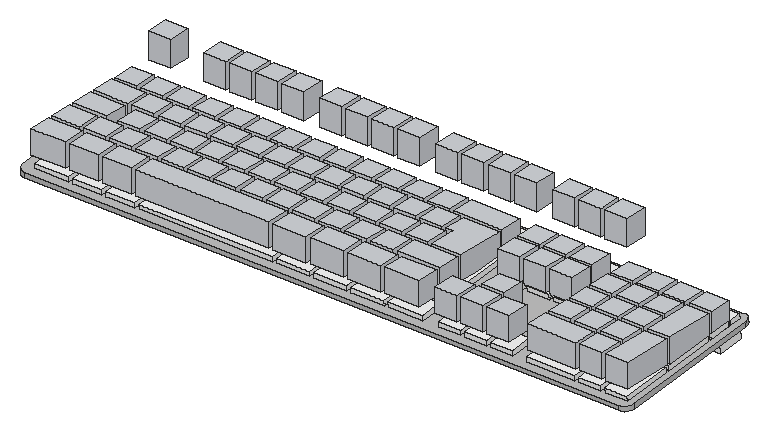
Revit family
Reference planes (in)
  plane 1 "Center (Front/Back)": y = 0
  plane 2: z = 0
  plane 3 "Center (Left/Right)": x = 0
  plane 4: through (0, -2.69707, 0.22659) normal (0, 0.0872, -0.9962)
  plane 5: through (0, -2.68618, 0.10206) normal (0, 0.0872, -0.9962)
  plane 6: through (0, -2.70797, 0.35111) normal (0, 0.0872, -0.9962)
Forms (in)
  Extrusion 1, void
    sketch origin (0, 0, 0) x (1, 0, 0) y (0, 1, 0)
      loop
        line (-8.62205, 2.47515) -> (-8.62205, 1.72712) -> (-7.83465, 1.72712) -> (-7.83465, 2.47515) -> (-8.62205, 2.47515)
      loop
        line (-0.3937, 2.47515) -> (-0.3937, 1.72712) -> (2.6378, 1.72712) -> (2.6378, 2.47515) -> (-0.3937, 2.47515)
      loop
        line (-0.68898, 2.47515) -> (-3.72047, 2.47515) -> (-3.72047, 1.72712) -> (-0.68898, 1.72712) -> (-0.68898, 2.47515)
      loop
        line (-4.01575, 2.47515) -> (-7.04724, 2.47515) -> (-7.04724, 1.72712) -> (-4.01575, 1.72712) -> (-4.01575, 2.47515)
      loop
        line (2.93307, 2.47515) -> (2.93307, 1.72712) -> (5.21654, 1.72712) -> (5.21654, 2.47515) -> (2.93307, 2.47515)
    from 5.5 to 1.13907
  Extrusion 2, void
    sketch origin (0, 0, 0) x (1, 0, 0) y (0, 1, 0)
      loop
        line (-8.62205, 1.25468) -> (-8.62205, -2.48548) -> (2.6378, -2.48548) -> (2.6378, 1.25468) -> (-8.62205, 1.25468)
      loop
        line (8.62205, -2.48548) -> (8.62205, 1.25468) -> (5.59055, 1.25468) -> (5.59055, -2.48548) -> (8.62205, -2.48548)
      loop
        line (2.93307, -2.48548) -> (5.21654, -2.48548) -> (5.21654, -1.73745) -> (4.4685, -1.73745) -> (4.4685, -0.98942) -> (3.6811, -0.98942) -> (3.6811, -1.73745) -> (2.93307, -1.73745) -> (2.93307, -2.48548)
      loop
        line (2.93307, -0.24138) -> (5.21654, -0.24138) -> (5.21654, 1.25468) -> (2.93307, 1.25468) -> (2.93307, -0.24138)
    from 1.98078 to 0.54773
  Extrusion 3, solid
    sketch origin (0, 0, 0) x (1, 0, 0) y (0, 1, 0)
      loop
        line (3.01181, -2.40674) -> (3.64173, -2.40674) -> (3.64173, -1.77682) -> (3.01181, -1.77682) -> (3.01181, -2.40674)
      loop
        line (-8.54331, -2.40674) -> (-7.55906, -2.40674) -> (-7.55906, -1.77682) -> (-8.54331, -1.77682) -> (-8.54331, -2.40674)
      loop
        line (-7.44094, -2.40674) -> (-6.61417, -2.40674) -> (-6.61417, -1.77682) -> (-7.44094, -1.77682) -> (-7.44094, -2.40674)
      loop
        line (-6.49606, -2.40674) -> (-5.66929, -2.40674) -> (-5.66929, -1.77682) -> (-6.49606, -1.77682) -> (-6.49606, -2.40674)
      loop
        line (-5.55118, -2.40674) -> (-1.73228, -2.40674) -> (-1.73228, -1.77682) -> (-5.55118, -1.77682) -> (-5.55118, -2.40674)
      loop
        line (-1.61417, -1.77682) -> (-1.61417, -2.40674) -> (-0.66929, -2.40674) -> (-0.66929, -1.77682) -> (-1.61417, -1.77682)
      loop
        line (-0.55118, -1.77682) -> (-0.55118, -2.40674) -> (0.3937, -2.40674) -> (0.3937, -1.77682) -> (-0.55118, -1.77682)
      loop
        line (0.51181, -1.77682) -> (0.51181, -2.40674) -> (1.45669, -2.40674) -> (1.45669, -1.77682) -> (0.51181, -1.77682)
      loop
        line (1.5748, -1.77682) -> (1.5748, -2.40674) -> (2.55906, -2.40674) -> (2.55906, -1.77682) -> (1.5748, -1.77682)
      loop
        line (-8.54331, -1.65871) -> (-7.75591, -1.65871) -> (-7.75591, -1.02879) -> (-8.54331, -1.02879) -> (-8.54331, -1.65871)
      loop
        line (-8.54331, -0.91068) -> (-7.55906, -0.91068) -> (-7.55906, -0.28075) -> (-8.54331, -0.28075) -> (-8.54331, -0.91068)
      loop
        line (-8.54331, 0.57358) -> (-7.91339, 0.57358) -> (-7.91339, 1.20436) -> (-8.54331, 1.20436) -> (-8.54331, 0.57358)
      loop
        line (-7.79528, 0.57358) -> (-7.16535, 0.57358) -> (-7.16535, 1.20436) -> (-7.79528, 1.20436) -> (-7.79528, 0.57358)
      loop
        line (-7.04724, 0.57358) -> (-6.41732, 0.57358) -> (-6.41732, 1.20436) -> (-7.04724, 1.20436) -> (-7.04724, 0.57358)
      loop
        line (-6.29921, 0.57358) -> (-5.66929, 0.57358) -> (-5.66929, 1.20436) -> (-6.29921, 1.20436) -> (-6.29921, 0.57358)
      loop
        line (-5.55118, 0.57358) -> (-4.92126, 0.57358) -> (-4.92126, 1.20436) -> (-5.55118, 1.20436) -> (-5.55118, 0.57358)
      loop
        line (-4.80315, 0.57358) -> (-4.17323, 0.57358) -> (-4.17323, 1.20436) -> (-4.80315, 1.20436) -> (-4.80315, 0.57358)
      loop
        line (-4.05512, 0.57358) -> (-3.4252, 0.57358) -> (-3.4252, 1.20436) -> (-4.05512, 1.20436) -> (-4.05512, 0.57358)
      loop
        line (-3.30709, 0.57358) -> (-2.67717, 0.57358) -> (-2.67717, 1.20436) -> (-3.30709, 1.20436) -> (-3.30709, 0.57358)
      loop
        line (-2.55906, 0.57358) -> (-1.92913, 0.57358) -> (-1.92913, 1.20436) -> (-2.55906, 1.20436) -> (-2.55906, 0.57358)
      loop
        line (-1.81102, 0.57358) -> (-1.1811, 0.57358) -> (-1.1811, 1.20436) -> (-1.81102, 1.20436) -> (-1.81102, 0.57358)
      loop
        line (-1.06299, 0.57358) -> (-0.43307, 0.57358) -> (-0.43307, 1.20436) -> (-1.06299, 1.20436) -> (-1.06299, 0.57358)
      loop
        line (-0.31496, 0.57358) -> (0.31496, 0.57358) -> (0.31496, 1.20436) -> (-0.31496, 1.20436) -> (-0.31496, 0.57358)
      loop
        line (0.43307, 0.57358) -> (1.06299, 0.57358) -> (1.06299, 1.20436) -> (0.43307, 1.20436) -> (0.43307, 0.57358)
      loop
        line (1.1811, 1.20436) -> (1.1811, 0.56263) -> (2.55906, 0.56263) -> (2.55906, 1.20436) -> (1.1811, 1.20436)
      loop
        line (-8.54331, -0.16264) -> (-7.55906, -0.16264) -> (-7.55906, 0.46728) -> (-8.54331, 0.46728) -> (-8.54331, -0.16264)
      loop
        line (-7.44094, -0.1635) -> (-6.81102, -0.1635) -> (-6.81102, 0.46728) -> (-7.44094, 0.46728) -> (-7.44094, -0.1635)
      loop
        line (-6.69291, -0.1635) -> (-6.06299, -0.1635) -> (-6.06299, 0.46728) -> (-6.69291, 0.46728) -> (-6.69291, -0.1635)
      loop
        line (-5.94488, -0.1635) -> (-5.31496, -0.1635) -> (-5.31496, 0.46728) -> (-5.94488, 0.46728) -> (-5.94488, -0.1635)
      loop
        line (-5.19685, -0.1635) -> (-4.56693, -0.1635) -> (-4.56693, 0.46728) -> (-5.19685, 0.46728) -> (-5.19685, -0.1635)
      loop
        line (-4.44882, -0.1635) -> (-3.8189, -0.1635) -> (-3.8189, 0.46728) -> (-4.44882, 0.46728) -> (-4.44882, -0.1635)
      loop
        line (-3.70079, -0.1635) -> (-3.07087, -0.1635) -> (-3.07087, 0.46728) -> (-3.70079, 0.46728) -> (-3.70079, -0.1635)
      loop
        line (-2.95276, -0.1635) -> (-2.32283, -0.1635) -> (-2.32283, 0.46728) -> (-2.95276, 0.46728) -> (-2.95276, -0.1635)
      loop
        line (-2.20472, -0.1635) -> (-1.5748, -0.1635) -> (-1.5748, 0.46728) -> (-2.20472, 0.46728) -> (-2.20472, -0.1635)
      loop
        line (-1.45669, -0.1635) -> (-0.82677, -0.1635) -> (-0.82677, 0.46728) -> (-1.45669, 0.46728) -> (-1.45669, -0.1635)
      loop
        line (-0.70866, -0.1635) -> (-0.07874, -0.1635) -> (-0.07874, 0.46728) -> (-0.70866, 0.46728) -> (-0.70866, -0.1635)
      loop
        line (0.03937, -0.1635) -> (0.66929, -0.1635) -> (0.66929, 0.46728) -> (0.03937, 0.46728) -> (0.03937, -0.1635)
      loop
        line (0.7874, -0.1635) -> (1.41732, -0.1635) -> (1.41732, 0.46728) -> (0.7874, 0.46728) -> (0.7874, -0.1635)
      loop
        line (-7.24409, -0.91154) -> (-6.61417, -0.91154) -> (-6.61417, -0.28075) -> (-7.24409, -0.28075) -> (-7.24409, -0.91154)
      loop
        line (-6.49606, -0.91154) -> (-5.86614, -0.91154) -> (-5.86614, -0.28075) -> (-6.49606, -0.28075) -> (-6.49606, -0.91154)
      loop
        line (-5.74803, -0.91154) -> (-5.11811, -0.91154) -> (-5.11811, -0.28075) -> (-5.74803, -0.28075) -> (-5.74803, -0.91154)
      loop
        line (-5, -0.91154) -> (-4.37008, -0.91154) -> (-4.37008, -0.28075) -> (-5, -0.28075) -> (-5, -0.91154)
      loop
        line (-4.25197, -0.91154) -> (-3.62205, -0.91154) -> (-3.62205, -0.28075) -> (-4.25197, -0.28075) -> (-4.25197, -0.91154)
      loop
        line (-3.50394, -0.91154) -> (-2.87402, -0.91154) -> (-2.87402, -0.28075) -> (-3.50394, -0.28075) -> (-3.50394, -0.91154)
      loop
        line (-2.75591, -0.91154) -> (-2.12598, -0.91154) -> (-2.12598, -0.28075) -> (-2.75591, -0.28075) -> (-2.75591, -0.91154)
      loop
        line (-2.00787, -0.91154) -> (-1.37795, -0.91154) -> (-1.37795, -0.28075) -> (-2.00787, -0.28075) -> (-2.00787, -0.91154)
      loop
        line (-1.25984, -0.91154) -> (-0.62992, -0.91154) -> (-0.62992, -0.28075) -> (-1.25984, -0.28075) -> (-1.25984, -0.91154)
      loop
        line (-0.51181, -0.91154) -> (0.11811, -0.91154) -> (0.11811, -0.28075) -> (-0.51181, -0.28075) -> (-0.51181, -0.91154)
      loop
        line (0.23622, -0.91154) -> (0.86614, -0.91154) -> (0.86614, -0.28075) -> (0.23622, -0.28075) -> (0.23622, -0.91154)
      loop
        line (0.98425, -0.91154) -> (1.61417, -0.91154) -> (1.61417, -0.28075) -> (0.98425, -0.28075) -> (0.98425, -0.91154)
      loop
        line (-7.6378, -1.65957) -> (-7.00787, -1.65957) -> (-7.00787, -1.02879) -> (-7.6378, -1.02879) -> (-7.6378, -1.65957)
      loop
        line (-6.88976, -1.65957) -> (-6.25984, -1.65957) -> (-6.25984, -1.02879) -> (-6.88976, -1.02879) -> (-6.88976, -1.65957)
      loop
        line (-6.14173, -1.65957) -> (-5.51181, -1.65957) -> (-5.51181, -1.02879) -> (-6.14173, -1.02879) -> (-6.14173, -1.65957)
      loop
        line (-5.3937, -1.65957) -> (-4.76378, -1.65957) -> (-4.76378, -1.02879) -> (-5.3937, -1.02879) -> (-5.3937, -1.65957)
      loop
        line (-4.64567, -1.65957) -> (-4.01575, -1.65957) -> (-4.01575, -1.02879) -> (-4.64567, -1.02879) -> (-4.64567, -1.65957)
      loop
        line (-3.89764, -1.65957) -> (-3.26772, -1.65957) -> (-3.26772, -1.02879) -> (-3.89764, -1.02879) -> (-3.89764, -1.65957)
      loop
        line (-3.14961, -1.65957) -> (-2.51969, -1.65957) -> (-2.51969, -1.02879) -> (-3.14961, -1.02879) -> (-3.14961, -1.65957)
      loop
        line (-2.40157, -1.65957) -> (-1.77165, -1.65957) -> (-1.77165, -1.02879) -> (-2.40157, -1.02879) -> (-2.40157, -1.65957)
      loop
        line (-1.65354, -1.65957) -> (-1.02362, -1.65957) -> (-1.02362, -1.02879) -> (-1.65354, -1.02879) -> (-1.65354, -1.65957)
      loop
        line (-0.90551, -1.65957) -> (-0.27559, -1.65957) -> (-0.27559, -1.02879) -> (-0.90551, -1.02879) -> (-0.90551, -1.65957)
      loop
        line (-0.15748, -1.65957) -> (0.47244, -1.65957) -> (0.47244, -1.02879) -> (-0.15748, -1.02879) -> (-0.15748, -1.65957)
      loop
        line (0.59055, -1.65957) -> (1.22047, -1.65957) -> (1.22047, -1.02879) -> (0.59055, -1.02879) -> (0.59055, -1.65957)
      loop
        line (1.33858, -1.65957) -> (2.55906, -1.65957) -> (2.55906, -1.02879) -> (1.33858, -1.02879) -> (1.33858, -1.65957)
      loop
        line (1.53543, 0.46728) -> (1.53543, -0.1635) -> (1.73228, -0.1635) -> (1.73228, -0.91154) -> (2.55906, -0.91154) -> (2.55906, 0.46728) -> (1.53543, 0.46728)
      loop
        line (5.1378, -2.40674) -> (5.1378, -1.77682) -> (4.50787, -1.77682) -> (4.50787, -2.40674) -> (5.1378, -2.40674)
      loop
        line (3.75984, -2.40674) -> (4.38976, -2.40674) -> (4.38976, -1.77682) -> (3.75984, -1.77682) -> (3.75984, -2.40674)
      loop
        line (3.75984, -1.65871) -> (4.38976, -1.65871) -> (4.38976, -1.02879) -> (3.75984, -1.02879) -> (3.75984, -1.65871)
      loop
        line (3.01181, -0.16264) -> (3.64173, -0.16264) -> (3.64173, 0.46728) -> (3.01181, 0.46728) -> (3.01181, -0.16264)
      loop
        line (5.1378, -0.16264) -> (5.1378, 0.46728) -> (4.50787, 0.46728) -> (4.50787, -0.16264) -> (5.1378, -0.16264)
      loop
        line (3.75984, -0.16264) -> (4.38976, -0.16264) -> (4.38976, 0.46728) -> (3.75984, 0.46728) -> (3.75984, -0.16264)
      loop
        line (4.50787, 1.20436) -> (4.50787, 0.56263) -> (5.1378, 0.56263) -> (5.1378, 1.20436) -> (4.50787, 1.20436)
      loop
        line (3.75984, 1.20436) -> (3.75984, 0.56263) -> (4.38976, 0.56263) -> (4.38976, 1.20436) -> (3.75984, 1.20436)
      loop
        line (3.01181, 1.20436) -> (3.01181, 0.56263) -> (3.64173, 0.56263) -> (3.64173, 1.20436) -> (3.01181, 1.20436)
      loop
        line (7.91339, 1.20436) -> (7.91339, 0.56263) -> (8.54331, 0.56263) -> (8.54331, 1.20436) -> (7.91339, 1.20436)
      loop
        line (7.16535, 1.20436) -> (7.16535, 0.56263) -> (7.79528, 0.56263) -> (7.79528, 1.20436) -> (7.16535, 1.20436)
      loop
        line (6.41732, 1.20436) -> (6.41732, 0.56263) -> (7.04724, 0.56263) -> (7.04724, 1.20436) -> (6.41732, 1.20436)
      loop
        line (5.66929, 1.20436) -> (5.66929, 0.56263) -> (6.29921, 0.56263) -> (6.29921, 1.20436) -> (5.66929, 1.20436)
      loop
        line (7.16535, 0.46728) -> (7.16535, -0.17446) -> (7.79528, -0.17446) -> (7.79528, 0.46728) -> (7.16535, 0.46728)
      loop
        line (6.41732, 0.46728) -> (6.41732, -0.17446) -> (7.04724, -0.17446) -> (7.04724, 0.46728) -> (6.41732, 0.46728)
      loop
        line (5.66929, 0.46728) -> (5.66929, -0.17446) -> (6.29921, -0.17446) -> (6.29921, 0.46728) -> (5.66929, 0.46728)
      loop
        line (7.16535, -0.28075) -> (7.16535, -0.92249) -> (7.79528, -0.92249) -> (7.79528, -0.28075) -> (7.16535, -0.28075)
      loop
        line (6.41732, -0.28075) -> (6.41732, -0.92249) -> (7.04724, -0.92249) -> (7.04724, -0.28075) -> (6.41732, -0.28075)
      loop
        line (5.66929, -0.28075) -> (5.66929, -0.92249) -> (6.29921, -0.92249) -> (6.29921, -0.28075) -> (5.66929, -0.28075)
      loop
        line (7.16535, -1.02879) -> (7.16535, -1.67052) -> (7.79528, -1.67052) -> (7.79528, -1.02879) -> (7.16535, -1.02879)
      loop
        line (6.41732, -1.02879) -> (6.41732, -1.67052) -> (7.04724, -1.67052) -> (7.04724, -1.02879) -> (6.41732, -1.02879)
      loop
        line (5.66929, -1.02879) -> (5.66929, -1.67052) -> (6.29921, -1.67052) -> (6.29921, -1.02879) -> (5.66929, -1.02879)
      loop
        line (7.16535, -1.77682) -> (7.16535, -2.41855) -> (7.79528, -2.41855) -> (7.79528, -1.77682) -> (7.16535, -1.77682)
      loop
        line (5.66929, -1.77682) -> (5.66929, -2.41855) -> (7.04724, -2.41855) -> (7.04724, -1.77682) -> (5.66929, -1.77682)
      loop
        line (7.91339, 0.46728) -> (7.91339, -0.92249) -> (8.54331, -0.92249) -> (8.54331, 0.46728) -> (7.91339, 0.46728)
      loop
        line (7.91339, -1.02879) -> (7.91339, -2.41855) -> (8.54331, -2.41855) -> (8.54331, -1.02879) -> (7.91339, -1.02879)
    from 1.21773 to 0.54773
  Extrusion 4, solid
    sketch origin (0, 1.22047, 0) x (1, 0, 0) y (0, 1, 0)
      loop
        line (-8.54331, 0.57358) -> (-7.91339, 0.57358) -> (-7.91339, 1.20436) -> (-8.54331, 1.20436) -> (-8.54331, 0.57358)
      loop
        line (-6.9685, 0.57358) -> (-6.33858, 0.57358) -> (-6.33858, 1.20436) -> (-6.9685, 1.20436) -> (-6.9685, 0.57358)
      loop
        line (-6.22047, 0.57358) -> (-5.59055, 0.57358) -> (-5.59055, 1.20436) -> (-6.22047, 1.20436) -> (-6.22047, 0.57358)
      loop
        line (-5.47244, 0.57358) -> (-4.84252, 0.57358) -> (-4.84252, 1.20436) -> (-5.47244, 1.20436) -> (-5.47244, 0.57358)
      loop
        line (-4.72441, 0.57358) -> (-4.09449, 0.57358) -> (-4.09449, 1.20436) -> (-4.72441, 1.20436) -> (-4.72441, 0.57358)
      loop
        line (-3.64173, 0.57358) -> (-3.01181, 0.57358) -> (-3.01181, 1.20436) -> (-3.64173, 1.20436) -> (-3.64173, 0.57358)
      loop
        line (-2.8937, 0.57358) -> (-2.26378, 0.57358) -> (-2.26378, 1.20436) -> (-2.8937, 1.20436) -> (-2.8937, 0.57358)
      loop
        line (-2.14567, 0.57358) -> (-1.51575, 0.57358) -> (-1.51575, 1.20436) -> (-2.14567, 1.20436) -> (-2.14567, 0.57358)
      loop
        line (-1.39764, 0.57358) -> (-0.76772, 0.57358) -> (-0.76772, 1.20436) -> (-1.39764, 1.20436) -> (-1.39764, 0.57358)
      loop
        line (-0.31496, 0.57358) -> (0.31496, 0.57358) -> (0.31496, 1.20436) -> (-0.31496, 1.20436) -> (-0.31496, 0.57358)
      loop
        line (0.43307, 0.57358) -> (1.06299, 0.57358) -> (1.06299, 1.20436) -> (0.43307, 1.20436) -> (0.43307, 0.57358)
      loop
        line (1.1811, 0.57358) -> (1.81102, 0.57358) -> (1.81102, 1.20436) -> (1.1811, 1.20436) -> (1.1811, 0.57358)
      loop
        line (1.92913, 0.57358) -> (2.55906, 0.57358) -> (2.55906, 1.20436) -> (1.92913, 1.20436) -> (1.92913, 0.57358)
      loop
        line (3.01181, 0.57358) -> (3.64173, 0.57358) -> (3.64173, 1.20436) -> (3.01181, 1.20436) -> (3.01181, 0.57358)
      loop
        line (3.75984, 0.57358) -> (4.38976, 0.57358) -> (4.38976, 1.20436) -> (3.75984, 1.20436) -> (3.75984, 0.57358)
      loop
        line (4.50787, 0.57358) -> (5.1378, 0.57358) -> (5.1378, 1.20436) -> (4.50787, 1.20436) -> (4.50787, 0.57358)
    from 1.86735 to 1.13907
  Extrusion 5, solid, material "Plastic White"
    sketch origin (0, -0.0092, 0.21079) x (1, 0, 0) y (0, 0.996195, 0.087156)
      loop
        line (3.13681, -2.40674) -> (3.76673, -2.40674) -> (3.76673, -1.77682) -> (3.13681, -1.77682) -> (3.13681, -2.40674)
      loop
        line (-8.41831, -2.40674) -> (-7.43406, -2.40674) -> (-7.43406, -1.77682) -> (-8.41831, -1.77682) -> (-8.41831, -2.40674)
      loop
        line (-7.31594, -2.40674) -> (-6.48917, -2.40674) -> (-6.48917, -1.77682) -> (-7.31594, -1.77682) -> (-7.31594, -2.40674)
      loop
        line (-6.37106, -2.40674) -> (-5.54429, -2.40674) -> (-5.54429, -1.77682) -> (-6.37106, -1.77682) -> (-6.37106, -2.40674)
      loop
        line (-5.42618, -2.40674) -> (-1.60728, -2.40674) -> (-1.60728, -1.77682) -> (-5.42618, -1.77682) -> (-5.42618, -2.40674)
      loop
        line (-1.48917, -1.77682) -> (-1.48917, -2.40674) -> (-0.54429, -2.40674) -> (-0.54429, -1.77682) -> (-1.48917, -1.77682)
      loop
        line (-0.42618, -1.77682) -> (-0.42618, -2.40674) -> (0.5187, -2.40674) -> (0.5187, -1.77682) -> (-0.42618, -1.77682)
      loop
        line (0.63681, -1.77682) -> (0.63681, -2.40674) -> (1.58169, -2.40674) -> (1.58169, -1.77682) -> (0.63681, -1.77682)
      loop
        line (1.6998, -1.77682) -> (1.6998, -2.40674) -> (2.68406, -2.40674) -> (2.68406, -1.77682) -> (1.6998, -1.77682)
      loop
        line (-8.41831, -1.65871) -> (-7.63091, -1.65871) -> (-7.63091, -1.02879) -> (-8.41831, -1.02879) -> (-8.41831, -1.65871)
      loop
        line (-8.41831, -0.91068) -> (-7.43406, -0.91068) -> (-7.43406, -0.28075) -> (-8.41831, -0.28075) -> (-8.41831, -0.91068)
      loop
        line (-8.41831, 0.57358) -> (-7.78839, 0.57358) -> (-7.78839, 1.20436) -> (-8.41831, 1.20436) -> (-8.41831, 0.57358)
      loop
        line (-7.67028, 0.57358) -> (-7.04035, 0.57358) -> (-7.04035, 1.20436) -> (-7.67028, 1.20436) -> (-7.67028, 0.57358)
      loop
        line (-6.92224, 0.57358) -> (-6.29232, 0.57358) -> (-6.29232, 1.20436) -> (-6.92224, 1.20436) -> (-6.92224, 0.57358)
      loop
        line (-6.17421, 0.57358) -> (-5.54429, 0.57358) -> (-5.54429, 1.20436) -> (-6.17421, 1.20436) -> (-6.17421, 0.57358)
      loop
        line (-5.42618, 0.57358) -> (-4.79626, 0.57358) -> (-4.79626, 1.20436) -> (-5.42618, 1.20436) -> (-5.42618, 0.57358)
      loop
        line (-4.67815, 0.57358) -> (-4.04823, 0.57358) -> (-4.04823, 1.20436) -> (-4.67815, 1.20436) -> (-4.67815, 0.57358)
      loop
        line (-3.93012, 0.57358) -> (-3.3002, 0.57358) -> (-3.3002, 1.20436) -> (-3.93012, 1.20436) -> (-3.93012, 0.57358)
      loop
        line (-3.18209, 0.57358) -> (-2.55217, 0.57358) -> (-2.55217, 1.20436) -> (-3.18209, 1.20436) -> (-3.18209, 0.57358)
      loop
        line (-2.43406, 0.57358) -> (-1.80413, 0.57358) -> (-1.80413, 1.20436) -> (-2.43406, 1.20436) -> (-2.43406, 0.57358)
      loop
        line (-1.68602, 0.57358) -> (-1.0561, 0.57358) -> (-1.0561, 1.20436) -> (-1.68602, 1.20436) -> (-1.68602, 0.57358)
      loop
        line (-0.93799, 0.57358) -> (-0.30807, 0.57358) -> (-0.30807, 1.20436) -> (-0.93799, 1.20436) -> (-0.93799, 0.57358)
      loop
        line (-0.18996, 0.57358) -> (0.43996, 0.57358) -> (0.43996, 1.20436) -> (-0.18996, 1.20436) -> (-0.18996, 0.57358)
      loop
        line (0.55807, 0.57358) -> (1.18799, 0.57358) -> (1.18799, 1.20436) -> (0.55807, 1.20436) -> (0.55807, 0.57358)
      loop
        line (1.3061, 1.20436) -> (1.3061, 0.56263) -> (2.68406, 0.56263) -> (2.68406, 1.20436) -> (1.3061, 1.20436)
      loop
        line (-8.41831, -0.16264) -> (-7.43406, -0.16264) -> (-7.43406, 0.46728) -> (-8.41831, 0.46728) -> (-8.41831, -0.16264)
      loop
        line (-7.31594, -0.1635) -> (-6.68602, -0.1635) -> (-6.68602, 0.46728) -> (-7.31594, 0.46728) -> (-7.31594, -0.1635)
      loop
        line (-6.56791, -0.1635) -> (-5.93799, -0.1635) -> (-5.93799, 0.46728) -> (-6.56791, 0.46728) -> (-6.56791, -0.1635)
      loop
        line (-5.81988, -0.1635) -> (-5.18996, -0.1635) -> (-5.18996, 0.46728) -> (-5.81988, 0.46728) -> (-5.81988, -0.1635)
      loop
        line (-5.07185, -0.1635) -> (-4.44193, -0.1635) -> (-4.44193, 0.46728) -> (-5.07185, 0.46728) -> (-5.07185, -0.1635)
      loop
        line (-4.32382, -0.1635) -> (-3.6939, -0.1635) -> (-3.6939, 0.46728) -> (-4.32382, 0.46728) -> (-4.32382, -0.1635)
      loop
        line (-3.57579, -0.1635) -> (-2.94587, -0.1635) -> (-2.94587, 0.46728) -> (-3.57579, 0.46728) -> (-3.57579, -0.1635)
      loop
        line (-2.82776, -0.1635) -> (-2.19783, -0.1635) -> (-2.19783, 0.46728) -> (-2.82776, 0.46728) -> (-2.82776, -0.1635)
      loop
        line (-2.07972, -0.1635) -> (-1.4498, -0.1635) -> (-1.4498, 0.46728) -> (-2.07972, 0.46728) -> (-2.07972, -0.1635)
      loop
        line (-1.33169, -0.1635) -> (-0.70177, -0.1635) -> (-0.70177, 0.46728) -> (-1.33169, 0.46728) -> (-1.33169, -0.1635)
      loop
        line (-0.58366, -0.1635) -> (0.04626, -0.1635) -> (0.04626, 0.46728) -> (-0.58366, 0.46728) -> (-0.58366, -0.1635)
      loop
        line (0.16437, -0.1635) -> (0.79429, -0.1635) -> (0.79429, 0.46728) -> (0.16437, 0.46728) -> (0.16437, -0.1635)
      loop
        line (0.9124, -0.1635) -> (1.54232, -0.1635) -> (1.54232, 0.46728) -> (0.9124, 0.46728) -> (0.9124, -0.1635)
      loop
        line (-7.11909, -0.91154) -> (-6.48917, -0.91154) -> (-6.48917, -0.28075) -> (-7.11909, -0.28075) -> (-7.11909, -0.91154)
      loop
        line (-6.37106, -0.91154) -> (-5.74114, -0.91154) -> (-5.74114, -0.28075) -> (-6.37106, -0.28075) -> (-6.37106, -0.91154)
      loop
        line (-5.62303, -0.91154) -> (-4.99311, -0.91154) -> (-4.99311, -0.28075) -> (-5.62303, -0.28075) -> (-5.62303, -0.91154)
      loop
        line (-4.875, -0.91154) -> (-4.24508, -0.91154) -> (-4.24508, -0.28075) -> (-4.875, -0.28075) -> (-4.875, -0.91154)
      loop
        line (-4.12697, -0.91154) -> (-3.49705, -0.91154) -> (-3.49705, -0.28075) -> (-4.12697, -0.28075) -> (-4.12697, -0.91154)
      loop
        line (-3.37894, -0.91154) -> (-2.74902, -0.91154) -> (-2.74902, -0.28075) -> (-3.37894, -0.28075) -> (-3.37894, -0.91154)
      loop
        line (-2.63091, -0.91154) -> (-2.00098, -0.91154) -> (-2.00098, -0.28075) -> (-2.63091, -0.28075) -> (-2.63091, -0.91154)
      loop
        line (-1.88287, -0.91154) -> (-1.25295, -0.91154) -> (-1.25295, -0.28075) -> (-1.88287, -0.28075) -> (-1.88287, -0.91154)
      loop
        line (-1.13484, -0.91154) -> (-0.50492, -0.91154) -> (-0.50492, -0.28075) -> (-1.13484, -0.28075) -> (-1.13484, -0.91154)
      loop
        line (-0.38681, -0.91154) -> (0.24311, -0.91154) -> (0.24311, -0.28075) -> (-0.38681, -0.28075) -> (-0.38681, -0.91154)
      loop
        line (0.36122, -0.91154) -> (0.99114, -0.91154) -> (0.99114, -0.28075) -> (0.36122, -0.28075) -> (0.36122, -0.91154)
      loop
        line (1.10925, -0.91154) -> (1.73917, -0.91154) -> (1.73917, -0.28075) -> (1.10925, -0.28075) -> (1.10925, -0.91154)
      loop
        line (-7.5128, -1.65957) -> (-6.88287, -1.65957) -> (-6.88287, -1.02879) -> (-7.5128, -1.02879) -> (-7.5128, -1.65957)
      loop
        line (-6.76476, -1.65957) -> (-6.13484, -1.65957) -> (-6.13484, -1.02879) -> (-6.76476, -1.02879) -> (-6.76476, -1.65957)
      loop
        line (-6.01673, -1.65957) -> (-5.38681, -1.65957) -> (-5.38681, -1.02879) -> (-6.01673, -1.02879) -> (-6.01673, -1.65957)
      loop
        line (-5.2687, -1.65957) -> (-4.63878, -1.65957) -> (-4.63878, -1.02879) -> (-5.2687, -1.02879) -> (-5.2687, -1.65957)
      loop
        line (-4.52067, -1.65957) -> (-3.89075, -1.65957) -> (-3.89075, -1.02879) -> (-4.52067, -1.02879) -> (-4.52067, -1.65957)
      loop
        line (-3.77264, -1.65957) -> (-3.14272, -1.65957) -> (-3.14272, -1.02879) -> (-3.77264, -1.02879) -> (-3.77264, -1.65957)
      loop
        line (-3.02461, -1.65957) -> (-2.39469, -1.65957) -> (-2.39469, -1.02879) -> (-3.02461, -1.02879) -> (-3.02461, -1.65957)
      loop
        line (-2.27657, -1.65957) -> (-1.64665, -1.65957) -> (-1.64665, -1.02879) -> (-2.27657, -1.02879) -> (-2.27657, -1.65957)
      loop
        line (-1.52854, -1.65957) -> (-0.89862, -1.65957) -> (-0.89862, -1.02879) -> (-1.52854, -1.02879) -> (-1.52854, -1.65957)
      loop
        line (-0.78051, -1.65957) -> (-0.15059, -1.65957) -> (-0.15059, -1.02879) -> (-0.78051, -1.02879) -> (-0.78051, -1.65957)
      loop
        line (-0.03248, -1.65957) -> (0.59744, -1.65957) -> (0.59744, -1.02879) -> (-0.03248, -1.02879) -> (-0.03248, -1.65957)
      loop
        line (0.71555, -1.65957) -> (1.34547, -1.65957) -> (1.34547, -1.02879) -> (0.71555, -1.02879) -> (0.71555, -1.65957)
      loop
        line (1.46358, -1.65957) -> (2.68406, -1.65957) -> (2.68406, -1.02879) -> (1.46358, -1.02879) -> (1.46358, -1.65957)
      loop
        line (1.66043, 0.46728) -> (1.66043, -0.1635) -> (1.85728, -0.1635) -> (1.85728, -0.91154) -> (2.68406, -0.91154) -> (2.68406, 0.46728) -> (1.66043, 0.46728)
      loop
        line (5.2628, -2.40674) -> (5.2628, -1.77682) -> (4.63287, -1.77682) -> (4.63287, -2.40674) -> (5.2628, -2.40674)
      loop
        line (3.88484, -2.40674) -> (4.51476, -2.40674) -> (4.51476, -1.77682) -> (3.88484, -1.77682) -> (3.88484, -2.40674)
      loop
        line (3.88484, -1.65871) -> (4.51476, -1.65871) -> (4.51476, -1.02879) -> (3.88484, -1.02879) -> (3.88484, -1.65871)
      loop
        line (3.13681, -0.16264) -> (3.76673, -0.16264) -> (3.76673, 0.46728) -> (3.13681, 0.46728) -> (3.13681, -0.16264)
      loop
        line (5.2628, -0.16264) -> (5.2628, 0.46728) -> (4.63287, 0.46728) -> (4.63287, -0.16264) -> (5.2628, -0.16264)
      loop
        line (3.88484, -0.16264) -> (4.51476, -0.16264) -> (4.51476, 0.46728) -> (3.88484, 0.46728) -> (3.88484, -0.16264)
      loop
        line (4.63287, 1.20436) -> (4.63287, 0.56263) -> (5.2628, 0.56263) -> (5.2628, 1.20436) -> (4.63287, 1.20436)
      loop
        line (3.88484, 1.20436) -> (3.88484, 0.56263) -> (4.51476, 0.56263) -> (4.51476, 1.20436) -> (3.88484, 1.20436)
      loop
        line (3.13681, 1.20436) -> (3.13681, 0.56263) -> (3.76673, 0.56263) -> (3.76673, 1.20436) -> (3.13681, 1.20436)
      loop
        line (7.91339, 1.20436) -> (7.91339, 0.56263) -> (8.54331, 0.56263) -> (8.54331, 1.20436) -> (7.91339, 1.20436)
      loop
        line (7.16535, 1.20436) -> (7.16535, 0.56263) -> (7.79528, 0.56263) -> (7.79528, 1.20436) -> (7.16535, 1.20436)
      loop
        line (6.41732, 1.20436) -> (6.41732, 0.56263) -> (7.04724, 0.56263) -> (7.04724, 1.20436) -> (6.41732, 1.20436)
      loop
        line (5.66929, 1.20436) -> (5.66929, 0.56263) -> (6.29921, 0.56263) -> (6.29921, 1.20436) -> (5.66929, 1.20436)
      loop
        line (7.16535, 0.46728) -> (7.16535, -0.17446) -> (7.79528, -0.17446) -> (7.79528, 0.46728) -> (7.16535, 0.46728)
      loop
        line (6.41732, 0.46728) -> (6.41732, -0.17446) -> (7.04724, -0.17446) -> (7.04724, 0.46728) -> (6.41732, 0.46728)
      loop
        line (5.66929, 0.46728) -> (5.66929, -0.17446) -> (6.29921, -0.17446) -> (6.29921, 0.46728) -> (5.66929, 0.46728)
      loop
        line (7.16535, -0.28075) -> (7.16535, -0.92249) -> (7.79528, -0.92249) -> (7.79528, -0.28075) -> (7.16535, -0.28075)
      loop
        line (6.41732, -0.28075) -> (6.41732, -0.92249) -> (7.04724, -0.92249) -> (7.04724, -0.28075) -> (6.41732, -0.28075)
      loop
        line (5.66929, -0.28075) -> (5.66929, -0.92249) -> (6.29921, -0.92249) -> (6.29921, -0.28075) -> (5.66929, -0.28075)
      loop
        line (7.16535, -1.02879) -> (7.16535, -1.67052) -> (7.79528, -1.67052) -> (7.79528, -1.02879) -> (7.16535, -1.02879)
      loop
        line (6.41732, -1.02879) -> (6.41732, -1.67052) -> (7.04724, -1.67052) -> (7.04724, -1.02879) -> (6.41732, -1.02879)
      loop
        line (5.66929, -1.02879) -> (5.66929, -1.67052) -> (6.29921, -1.67052) -> (6.29921, -1.02879) -> (5.66929, -1.02879)
      loop
        line (7.16535, -1.77682) -> (7.16535, -2.41855) -> (7.79528, -2.41855) -> (7.79528, -1.77682) -> (7.16535, -1.77682)
      loop
        line (5.66929, -1.77682) -> (5.66929, -2.41855) -> (7.04724, -2.41855) -> (7.04724, -1.77682) -> (5.66929, -1.77682)
      loop
        line (7.91339, 0.46728) -> (7.91339, -0.92249) -> (8.54331, -0.92249) -> (8.54331, 0.46728) -> (7.91339, 0.46728)
      loop
        line (7.91339, -1.02879) -> (7.91339, -2.41855) -> (8.54331, -2.41855) -> (8.54331, -1.02879) -> (7.91339, -1.02879)
      loop
        line (-8.41831, 1.29358) -> (-7.78839, 1.29358) -> (-7.78839, 1.60897) -> (-8.41831, 1.60897) -> (-8.41831, 1.29358)
      loop
        line (-7.67028, 1.29358) -> (-7.04035, 1.29358) -> (-7.04035, 1.60897) -> (-7.67028, 1.60897) -> (-7.67028, 1.29358)
      loop
        line (-6.92224, 1.29358) -> (-6.29232, 1.29358) -> (-6.29232, 1.60897) -> (-6.92224, 1.60897) -> (-6.92224, 1.29358)
      loop
        line (-6.17421, 1.29358) -> (-5.54429, 1.29358) -> (-5.54429, 1.60897) -> (-6.17421, 1.60897) -> (-6.17421, 1.29358)
      loop
        line (-5.42618, 1.29358) -> (-4.79626, 1.29358) -> (-4.79626, 1.60897) -> (-5.42618, 1.60897) -> (-5.42618, 1.29358)
      loop
        line (-4.67815, 1.29358) -> (-4.04823, 1.29358) -> (-4.04823, 1.60897) -> (-4.67815, 1.60897) -> (-4.67815, 1.29358)
      loop
        line (-3.93012, 1.29358) -> (-3.3002, 1.29358) -> (-3.3002, 1.60897) -> (-3.93012, 1.60897) -> (-3.93012, 1.29358)
      loop
        line (-1.68602, 1.29358) -> (-1.0561, 1.29358) -> (-1.0561, 1.60897) -> (-1.68602, 1.60897) -> (-1.68602, 1.29358)
      loop
        line (-0.93799, 1.29358) -> (-0.30807, 1.29358) -> (-0.30807, 1.60897) -> (-0.93799, 1.60897) -> (-0.93799, 1.29358)
      loop
        line (-0.18996, 1.29358) -> (0.43996, 1.29358) -> (0.43996, 1.60897) -> (-0.18996, 1.60897) -> (-0.18996, 1.29358)
      loop
        line (0.55807, 1.29358) -> (1.18799, 1.29358) -> (1.18799, 1.60897) -> (0.55807, 1.60897) -> (0.55807, 1.29358)
      loop
        line (1.3061, 1.29358) -> (1.93602, 1.29358) -> (1.93602, 1.60897) -> (1.3061, 1.60897) -> (1.3061, 1.29358)
      loop
        line (2.05413, 1.29358) -> (2.68406, 1.29358) -> (2.68406, 1.60897) -> (2.05413, 1.60897) -> (2.05413, 1.29358)
      loop
        line (3.13681, 1.29358) -> (3.76673, 1.29358) -> (3.76673, 1.60897) -> (3.13681, 1.60897) -> (3.13681, 1.29358)
      loop
        line (3.88484, 1.29358) -> (4.51476, 1.29358) -> (4.51476, 1.60897) -> (3.88484, 1.60897) -> (3.88484, 1.29358)
      loop
        line (4.63287, 1.29358) -> (5.2628, 1.29358) -> (5.2628, 1.60897) -> (4.63287, 1.60897) -> (4.63287, 1.29358)
      loop
        line (5.66929, 1.29358) -> (6.29921, 1.29358) -> (6.29921, 1.60897) -> (5.66929, 1.60897) -> (5.66929, 1.29358)
      loop
        line (6.41732, 1.29358) -> (7.04724, 1.29358) -> (7.04724, 1.60897) -> (6.41732, 1.60897) -> (6.41732, 1.29358)
      loop
        line (7.16535, 1.29358) -> (7.79528, 1.29358) -> (7.79528, 1.60897) -> (7.16535, 1.60897) -> (7.16535, 1.29358)
      loop
        line (7.91339, 1.29358) -> (8.54331, 1.29358) -> (8.54331, 1.60897) -> (7.91339, 1.60897) -> (7.91339, 1.29358)
      loop
        line (-3.18209, 1.29358) -> (-2.55217, 1.29358) -> (-2.55217, 1.60897) -> (-3.18209, 1.60897) -> (-3.18209, 1.29358)
      loop
        line (-2.43406, 1.29358) -> (-1.80413, 1.29358) -> (-1.80413, 1.60897) -> (-2.43406, 1.60897) -> (-2.43406, 1.29358)
    from 0.375 to 0.25
  Extrusion 6, solid, material "Alumium"
    sketch origin (0, -0.0092, 0.21079) x (1, 0, 0) y (0, 0.996195, 0.087156)
      loop
        line (-8.74705, 1.57374) -> (-8.74705, -2.42626)
        arc (-8.74705, -2.42626) -> (-8.67382, -2.60304) -> (-8.49705, -2.67626) r 0.25
        line (-8.49705, -2.67626) -> (8.49449, -2.67626)
        arc (8.49449, -2.67626) -> (8.67127, -2.60304) -> (8.74449, -2.42626) r 0.25
        line (8.74449, -2.42626) -> (8.74449, 1.57374)
        arc (8.74449, 1.57374) -> (8.67127, 1.75051) -> (8.49449, 1.82374) r 0.25
        line (8.49449, 1.82374) -> (-8.49705, 1.82374)
        arc (-8.49705, 1.82374) -> (-8.67382, 1.75051) -> (-8.74705, 1.57374) r 0.25
    from 0.125 to 0.25
  Extrusion 7, solid, material "Plastic White"
    sketch origin (0, -0.0092, 0.21079) x (1, 0, 0) y (0, 0.996195, 0.087156)
      loop
        line (-8.41831, 1.60897) -> (-8.41831, -2.41855) -> (8.54331, -2.41855) -> (8.54331, 1.60897) -> (-8.41831, 1.60897)
    from 0 to 0.125
  Extrusion 8, solid, material "Plastic White"
    sketch origin (0, 0, 0) x (0, 1, 0) y (0, 0, 1)
      loop
        line (1.59365, 0.35102) -> (0.87638, 0.28827) -> (0.9016, 0) -> (1.61887, 0.06275) -> (1.59365, 0.35102)
    from -8.41831 to 8.54331
Cuts and joins
  Extrusion 1 cuts Extrusion 4
  Extrusion 2 cuts Extrusion 3
Lines and regions (in)
  symbolic lines
    curve 1: line (-8.49705, -2.67528, 0) -> (8.49449, -2.67528, 0)
    curve 2: arc (8.49449, -2.67528, 0) -> (8.67127, -2.60206, 0) -> (8.74449, -2.42528, 0) r 0.25
    curve 3: line (8.74449, -2.42528, 0) -> (8.74449, 1.55759, 0)
    curve 4: arc (8.74449, 1.55759, 0) -> (8.67127, 1.73437, 0) -> (8.49449, 1.80759, 0) r 0.25
    curve 5: line (8.49449, 1.80759, 0) -> (-8.49705, 1.80759, 0)
    curve 6: arc (-8.49705, 1.80759, 0) -> (-8.67382, 1.73437, 0) -> (-8.74705, 1.55759, 0) r 0.25
    curve 7: line (-8.74705, 1.55759, 0) -> (-8.74705, -2.42528, 0)
    curve 8: arc (-8.74705, -2.42528, 0) -> (-8.67382, -2.60206, 0) -> (-8.49705, -2.67528, 0) r 0.25
Dimensions and locks (in)
  aligned and locked: Extrusion 5 to plane 6
  aligned and locked: plane 4 to Extrusion 5
  aligned and locked: Extrusion 7 to Extrusion 6
  aligned and locked: Extrusion 6 to curve 3
  aligned and locked: curve 7 to Extrusion 6
  aligned and locked: Extrusion 8 to Extrusion 5
  aligned: Extrusion 5 to Extrusion 8
